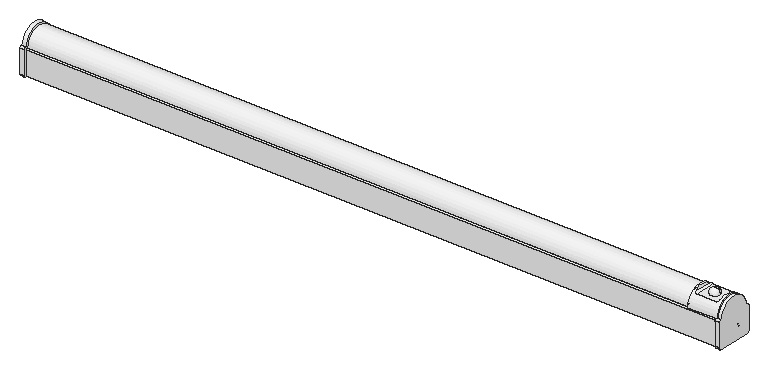
Revit family "0045216 Feilo Sylvania Lighting Fixture SYLBATTEN LED3 NW TP3 PIR", category Lighting Fixtures, host Face, Revit 2017
Family settings
  Host = Face
  Round Connector Dimension = Use Diameter
  Part Type = Normal
  OmniClass Number = 23.80.70.00
  OmniClass Title = Lighting
  Cut with Voids When Loaded = No
  Light Source = Yes
  Shared = No
  Room Calculation Point = No
Parameters (values of type "0045216 SYLBATTEN LED3 NW TP3 PIR")
  Width_FEILO = 66 mm
  Weight = "2.7 kg"
  Wattage Comments = "n/a"
  Wattage = 26 W
  WarrantyStartDate [instance] = "n/a"
  WarrantyGuarantorParts = "n/a"
  WarrantyDurationUnit = "n/a"
  WarrantyDurationParts = "n/a"
  WarrantyDescription = "n/a"
  built-in parameter 1150110 = 1 (stored number, unit not read)
  Voltage = 230 V
  URL = "http://www.sylvania-lighting.com"
  TypeName = "SYLBATTEN LED3 NW TP3 PIR"
  Type Image = <None>
  Type Comments = "n/a"
  built-in parameter 1114217 = 1 (stored number, unit not read)
  Tilt Angle = -90.00°
  built-in parameter 1150109 = 1 (stored number, unit not read)
  built-in parameter 1150134 = 12
  SymReflector_FEILO = no
  built-in parameter 1150113 = 1 (stored number, unit not read)
  SerialNumber [instance] = "n/a"
  RadiusPIR_FEILO = 9 mm
  RadiusDiffuser_FEILO = 27 mm
  PowerFactor = 0
  PowerConsumption = "26 W"
  Photometric Web File = "0045216.ies"
  NominalLength = 1305 mm
  NominalHeight = 76 mm
  NominalDepth = 66 mm
  Name = "SYLBATTEN LED3 NW TP3 PIR"
  ModelReference = Name  # "SYLBATTEN LED3 NW TP3 PIR"
  ModelNumber = "0045216"
  Model = Name  # "SYLBATTEN LED3 NW TP3 PIR"
  Material_4_FEILO = Reflector-Sylvania-Sylbatten-White
  Material_3_FEILO = Diffuser-Sylvania-Sylbatten-Glow
  Material_2_FEILO = Body-Sylvania-Sylbatten-White
  Material_1_FEILO = Body-Sylvania-Sylbatten-White
  Material = "sheet steel housing, polycarbonate diffuser"
  ManufacturerName = "Feilo Sylvania"
  Manufacturer = "Feilo Sylvania"
  LuminousEfficacy = "108.1 lm/W"
  built-in parameter 1150105 = 791.37 (stored number, unit not read)
  Lumens = 2811.9 lm
  LuminaireType = ""
  built-in parameter 1150115 = 1 (stored number, unit not read)
  LightOutputRatio = "100"
  built-in parameter 1150137 = (empty or 0)
  built-in parameter 1150139 = (empty or 0)
  Length_FEILO = 1305 mm
  LampsType = Lamp  # "LED"
  LampNominalLuminous = "2812 lm"
  LampMacAdamStep = "n/a"
  LampColourTemperature = "4000 K"
  LampColourRenderingIndex = "80"
  built-in parameter 1150112 = 1 (stored number, unit not read)
  built-in parameter 1150114 = 1 (stored number, unit not read)
  Lamp = "LED"
  Keynote = "16500"
  InstallationDate [instance] = "n/a"
  InputVoltage = "220-240V~"
  InputNominalFrequency = "n/a"
  built-in parameter 1150132 = (empty or 0)
  built-in parameter 1150102 = (empty or 0)
  built-in parameter 1150107 = 4000 (stored number, unit not read)
  built-in parameter 1150138 = (empty or 0)
  IngressProtection = "IP20"
  ImpactProtectionIndex = "IK07"
  built-in parameter 1150106 = 7.9137 (stored number, unit not read)
  IfcExportType = "IfcLightFixtureType"
  IfcExportAs = "IfcLightFixtureType"
  Height_FEILO = 76 mm
  ExpectedLife = 50000
  Emit from Rectangle Width = Length_FEILO - 16 mm - 55 mm  # 1234 mm
  Emit from Rectangle Length = Width_FEILO - 40 mm  # 26 mm
  Emit Shape Visible in Rendering = no
  ElectricShockClassification = "Class I"
  built-in parameter 1150104 = 10.047 (stored number, unit not read)
  DurationUnit = "hours"
  DocumentationLiterature = "http://www.sylvania-lighting.com/product/en-int/products/0045216"
  DimmingControlOptions = "n/a"
  Dimming Lamp Color Temperature Shift = <None>
  Description = "LED batten, T8 replacement, ease of installation through 2 part push-in design of the housing (safety cable included), through wiring capability (TP3 = 3 core), sheet steel, 2812LM, 26W, 108lm/W, 4000K, drive current: 350mA, CRI 80, 138° wide beam angle, electronic driver (non dimmable), with integrated PIR sensor, IP20, IK07, 50,000 hrs (L70), (LxWxH) 1205x66x76mm, 5 step MacAdam ellipse, 3kg, white RAL9016, Class 1, 220-240V, energy class: A++, A+, A."
  Default Elevation = 1219.2 mm
  CreatedOn = "2/1/2018"
  CreatedBy = ""
  Cost = 0
  Color Filter = 16777215
  built-in parameter 1114216 [instance] = (empty or 0)
  ClassificationValue = "EF_70_80"
  ClassificationName = "Uniclass2015"
  CapOffset_FEILO = 2 mm
  BarCode [instance] = "n/a"
  built-in parameter 1114218 = 1 (stored number, unit not read)
  BackReflector_FEILO = and(not(AsymReflector_FEILO), SymReflector_FEILO)  # no
  built-in parameter 1150133 = 10 (stored number, unit not read)
  FrontReflector_FEILO = or(AsymReflector_FEILO, SymReflector_FEILO)  # no
  AsymReflector_FEILO = no
  AssetType = "Fixed"
  AssetIdentifier [instance] = "n/a"
  Assembly Code = "D5020200"
  Apparent Load = 26 VA
Reference planes
  plane 1 "Center (Front/Back)": y = 0
  plane 2: z = 0
  plane 3 "Center (Left/Right)": x = 0
  plane 4: x = 652.5
  plane 5: x = -652.5
  plane 6: y = 33
  plane 7: y = -33
  plane 8: z = 76
  plane 9: z = 47
  plane 10: y = -29
  plane 11: y = 29
  plane 12: z = 20
  plane 13: z = 74
  plane 14: y = -31
  plane 15: y = -27
  plane 16: y = 27
  plane 17: y = 31
  plane 18: z = 2
  plane 19: x = -644.5
  plane 20: x = 644.5
  plane 21: z = 49
  plane 22: y = 1
  plane 23: y = -1
  plane 24: z = 21
  plane 25: z = 19
  plane 26: y = -61
  plane 27: y = 61
  plane 28: y = -56
  plane 29: y = 56
  plane 30: z = 91
  plane 31: z = 88
  plane 32: x = 589.5
  plane 33: x = 595.5
  plane 34: x = 638.5
  plane 35: z = 69
  plane 36: x = 617
  plane 37: x = -27.5
Forms (mm)
  Extrusion 1, solid, material "Body-Sylvania-Sylbatten-White" <- "Material_2_FEILO"
    sketch origin (0, 0, 0) x (0, 1, 0) y (0, 0, 1)
      loop
        line (-31, 2) -> (31, 2) -> (31, 45)
        arc (31, 45) -> (30.414, 46.414) -> (29, 47) r 2
        line (29, 47) -> (-29, 47)
        arc (-29, 47) -> (-30.414, 46.414) -> (-31, 45) r 2
        line (-31, 45) -> (-31, 2)
    from -644.5 to 644.5
  Extrusion 2, solid, material "Body-Sylvania-Sylbatten-White" <- "Material_2_FEILO"
    sketch origin (652.5, 1524, 1219.2) x (0, 1, 0) y (0, 0, 1)
      loop
        arc (-1494, -1219.2) -> (-1491.879, -1218.321) -> (-1491, -1216.2) r 3
        line (-1491, -1216.2) -> (-1491, -1173.2)
        arc (-1491, -1173.2) -> (-1491.879, -1171.079) -> (-1494, -1170.2) r 3
        line (-1494, -1170.2) -> (-1495.069, -1170.2)
        arc (-1495.069, -1170.2) -> (-1524, -1143.2) -> (-1552.931, -1170.2) r 29
        line (-1552.931, -1170.2) -> (-1554, -1170.2)
        arc (-1554, -1170.2) -> (-1556.121, -1171.079) -> (-1557, -1173.2) r 3
        line (-1557, -1173.2) -> (-1557, -1216.2)
        arc (-1557, -1216.2) -> (-1556.121, -1218.321) -> (-1554, -1219.2) r 3
        line (-1554, -1219.2) -> (-1494, -1219.2)
      loop
        arc (-1525, -1189.25) -> (-1531.071, -1192.129) -> (-1533.95, -1198.2) r 10
        line (-1533.95, -1198.2) -> (-1532.944, -1198.2)
        arc (-1532.944, -1198.2) -> (-1530.364, -1192.836) -> (-1525, -1190.256) r 9
        line (-1525, -1190.256) -> (-1525, -1189.25)
      loop
        arc (-1523, -1190.256) -> (-1517.636, -1192.836) -> (-1515.056, -1198.2) r 9
        line (-1515.056, -1198.2) -> (-1514.05, -1198.2)
        arc (-1514.05, -1198.2) -> (-1516.929, -1192.129) -> (-1523, -1189.25) r 10
        line (-1523, -1189.25) -> (-1523, -1190.256)
      loop
        line (-1532.944, -1200.2) -> (-1533.95, -1200.2)
        arc (-1533.95, -1200.2) -> (-1531.071, -1206.271) -> (-1525, -1209.15) r 10
        line (-1525, -1209.15) -> (-1525, -1208.144)
        arc (-1525, -1208.144) -> (-1530.364, -1205.564) -> (-1532.944, -1200.2) r 9
      loop
        arc (-1515.056, -1200.2) -> (-1517.636, -1205.564) -> (-1523, -1208.144) r 9
        line (-1523, -1208.144) -> (-1523, -1209.15)
        arc (-1523, -1209.15) -> (-1516.929, -1206.271) -> (-1514.05, -1200.2) r 10
        line (-1514.05, -1200.2) -> (-1515.056, -1200.2)
    from 0 to -8
  Extrusion 3, solid, material "Body-Sylvania-Sylbatten-White" <- "Material_2_FEILO"
    sketch origin (-652.5, 1524, 1219.2) x (0, 1, 0) y (0, 0, 1)
      loop
        arc (-1495.069, -1170.2) -> (-1524, -1143.2) -> (-1552.931, -1170.2) r 29
        line (-1552.931, -1170.2) -> (-1554, -1170.2)
        arc (-1554, -1170.2) -> (-1556.121, -1171.079) -> (-1557, -1173.2) r 3
        line (-1557, -1173.2) -> (-1557, -1216.2)
        arc (-1557, -1216.2) -> (-1556.121, -1218.321) -> (-1554, -1219.2) r 3
        line (-1554, -1219.2) -> (-1494, -1219.2)
        arc (-1494, -1219.2) -> (-1491.879, -1218.321) -> (-1491, -1216.2) r 3
        line (-1491, -1216.2) -> (-1491, -1173.2)
        arc (-1491, -1173.2) -> (-1491.879, -1171.079) -> (-1494, -1170.2) r 3
        line (-1494, -1170.2) -> (-1495.069, -1170.2)
      loop
        line (-1533.95, -1198.2) -> (-1532.944, -1198.2)
        arc (-1532.944, -1198.2) -> (-1530.364, -1192.836) -> (-1525, -1190.256) r 9
        line (-1525, -1190.256) -> (-1525, -1189.25)
        arc (-1525, -1189.25) -> (-1531.071, -1192.129) -> (-1533.95, -1198.2) r 10
      loop
        line (-1523, -1189.25) -> (-1523, -1190.256)
        arc (-1523, -1190.256) -> (-1517.636, -1192.836) -> (-1515.056, -1198.2) r 9
        line (-1515.056, -1198.2) -> (-1514.05, -1198.2)
        arc (-1514.05, -1198.2) -> (-1516.929, -1192.129) -> (-1523, -1189.25) r 10
      loop
        line (-1514.05, -1200.2) -> (-1515.056, -1200.2)
        arc (-1515.056, -1200.2) -> (-1517.636, -1205.564) -> (-1523, -1208.144) r 9
        line (-1523, -1208.144) -> (-1523, -1209.15)
        arc (-1523, -1209.15) -> (-1516.929, -1206.271) -> (-1514.05, -1200.2) r 10
      loop
        line (-1525, -1209.15) -> (-1525, -1208.144)
        arc (-1525, -1208.144) -> (-1530.364, -1205.564) -> (-1532.944, -1200.2) r 9
        line (-1532.944, -1200.2) -> (-1533.95, -1200.2)
        arc (-1533.95, -1200.2) -> (-1531.071, -1206.271) -> (-1525, -1209.15) r 10
    from 0 to 8
  Extrusion 4, solid, material "Reflector-Sylvania-Sylbatten-White" <- "Material_4_FEILO", visible <- "FrontReflector_FEILO"
    sketch origin (0, 0, 0) x (0, 1, 0) y (0, 0, 1)
      loop
        line (-61.257, 88.429) -> (-60.743, 87.571) -> (-56.621, 90.044)
        arc (-56.621, 90.044) -> (-56.237, 90.099) -> (-55.929, 89.863) r 0.5
        line (-55.929, 89.863) -> (-31.435, 46.753) -> (-30.565, 47.247) -> (-55.312, 90.802)
        arc (-55.312, 90.802) -> (-55.928, 91.275) -> (-56.696, 91.165) r 1
        line (-56.696, 91.165) -> (-61.257, 88.429)
    from -644.5 to 644.5
  Extrusion 5, solid, material "Reflector-Sylvania-Sylbatten-White" <- "Material_4_FEILO", visible <- "BackReflector_FEILO"
    sketch origin (0, 0, 0) x (0, 1, 0) y (0, 0, 1)
      loop
        line (30.565, 47.247) -> (31.435, 46.753) -> (55.932, 89.868)
        arc (55.932, 89.868) -> (56.245, 90.112) -> (56.638, 90.062) r 0.518
        line (56.638, 90.062) -> (61.033, 87.565) -> (61.527, 88.435) -> (56.682, 91.188)
        arc (56.682, 91.188) -> (55.922, 91.282) -> (55.318, 90.812) r 1
        line (55.318, 90.812) -> (30.565, 47.247)
    from -644.5 to 644.5
  Extrusion 6, solid, material "Diffuser-Sylvania-Sylbatten-Glow" <- "Material_3_FEILO"
    sketch origin (0, 0, 0) x (0, 1, 0) y (0, 0, 1)
      loop
        arc (27, 47) -> (0, 74) -> (-27, 47) r 27
        line (-27, 47) -> (27, 47)
    from -644.5 to 589.5
  Extrusion 7, solid, material "Body-Sylvania-Sylbatten-White" <- "Material_2_FEILO"
    sketch origin (589.5, 1524, 1219.2) x (0, 1, 0) y (0, 0, 1)
      loop
        arc (-1495, -1172.2) -> (-1524, -1143.2) -> (-1553, -1172.2) r 29
        line (-1553, -1172.2) -> (-1495, -1172.2)
    from 0 to 55
  Extrusion 8, void
    sketch origin (0, 0, 0) x (1, 0, 0) y (0, 0, 1)
      loop
        line (598.432, 69) -> (635.568, 69)
        arc (635.568, 69) -> (637.933, 69.774) -> (639.383, 71.795) r 4
        line (639.383, 71.795) -> (644.5, 88) -> (589.5, 88) -> (594.617, 71.795)
        arc (594.617, 71.795) -> (596.067, 69.774) -> (598.432, 69) r 4
    from -27 to 27
  Revolve 9, solid, material "Body-Sylvania-Sylbatten-White" <- "Material_2_FEILO"
    sketch origin (0, 0, 0) x (1, 0, 0) y (0, 0, 1)
      loop
        arc (626, 69) -> (623.364, 75.364) -> (617, 78) r 9
        line (617, 78) -> (617, 69) -> (626, 69)
      axis (617, 78) -> (617, 69)
    angle from 360 to 0
Cuts and joins
  Extrusion 8 cuts Extrusion 7
Lines and regions (mm)
  reference lines
    curve 1: line (0, -61, 88) -> (0, -56, 91)
    curve 2: line (0, -56, 91) -> (0, -31, 47)
    curve 3: line (0, 31, 47) -> (0, 56, 91)
    curve 4: line (0, 56, 91) -> (0, 61.28, 88)
Dimensions and locks
  equal spacing: plane 5, plane 3 "Center (Left/Right)", plane 4
  equal spacing: plane 7, plane 1 "Center (Front/Back)", plane 6
  "Width_FEILO": plane 7 to plane 6
  "Length_FEILO": plane 5 to plane 4
  "Height_FEILO": plane 8 to plane 2
  locked: plane 9 to plane 8 at 29
  equal spacing: plane 10, plane 1 "Center (Front/Back)", plane 11
  locked: plane 7 to plane 10 at 4
  locked: plane 12 to plane 2 at 20
  "CapOffset_FEILO": plane 13 to plane 8
  "CapOffset_FEILO": plane 7 to plane 14
  "CapOffset_FEILO": plane 10 to plane 15
  "CapOffset_FEILO": plane 17 to plane 6
  "CapOffset_FEILO": plane 16 to plane 11
  "CapOffset_FEILO": plane 18 to plane 2
  locked: plane 14 to Extrusion 1 sketch curve at 2
  locked: Extrusion 1 sketch curve to plane 9 at 2  (x2)
  locked: plane 16 to Extrusion 1 sketch curve at 2
  equal spacing: plane 19, plane 3 "Center (Left/Right)", plane 20
  locked: plane 5 to plane 19 at 8
  "CapOffset_FEILO": plane 9 to plane 21
  locked: Extrusion 2 sketch curve to plane 2 at 47
  locked: Extrusion 2 sketch curve to plane 2 at 3  (x2)
  locked: plane 7 to Extrusion 2 sketch curve at 3  (x2)
  locked: Extrusion 2 sketch curve to plane 6 at 3  (x2)
  locked: Extrusion 2 sketch curve to plane 21 at 3  (x2)
  equal spacing: plane 23, plane 1 "Center (Front/Back)", plane 22
  equal spacing: plane 25, plane 12, plane 24
  plane 30 to plane 31 to plane 2 = 3 mm locked, 88 mm locked
  plane 28 to plane 29 = 112 mm
  plane 26 to plane 27 = 122 mm
  locked: plane 32 to plane 20 at 55
  plane 20 to plane 34 = 6 mm
  plane 33 to plane 32 = 6 mm
  plane 21 to plane 35 = 20 mm
  locked: Extrusion 8 sketch curve to plane 35 at 4  (x2)
  locked: Extrusion 8 sketch curve to plane 33 at 2.932
  locked: plane 34 to Extrusion 8 sketch curve at 2.932
  equal spacing: plane 34, plane 36, plane 33
  locked: plane 37 to plane 3 "Center (Left/Right)" at 27.5
  "RadiusDiffuser_FEILO": radius of Extrusion 6 sketch curve
  "RadiusPIR_FEILO": radius of Revolve 9 sketch curve
  aligned and locked: plane 2 to host face
  aligned and locked: level to host face
  aligned and locked: plane 18 to Extrusion 1 sketch curve
  aligned and locked: plane 14 to Extrusion 1 sketch curve
  aligned and locked: Extrusion 1 sketch curve to plane 9
  aligned and locked: Extrusion 1 sketch curve to plane 17
  aligned and locked: plane 20 to Extrusion 1
  aligned and locked: level to Extrusion 2 sketch curve
  aligned and locked: Extrusion 2 sketch curve to plane 7
  aligned and locked: plane 21 to Extrusion 2 sketch curve
  aligned and locked: Extrusion 2 sketch curve to plane 21
  aligned and locked: plane 1 "Center (Front/Back)" to Extrusion 2 sketch curve  (x3)
  aligned and locked: Extrusion 2 to Extrusion 1
  aligned and locked: plane 4 to Extrusion 2
  aligned and locked: plane 12 to Extrusion 2 sketch curve  (x2)
  aligned and locked: Extrusion 2 sketch curve to plane 22
  aligned and locked: Extrusion 2 sketch curve to plane 23
  aligned and locked: Extrusion 2 sketch curve to plane 24
  aligned and locked: Extrusion 2 sketch curve to plane 25
  aligned and locked: plane 25 to Extrusion 2 sketch curve
  aligned and locked: plane 22 to Extrusion 2 sketch curve
  aligned and locked: plane 24 to Extrusion 2 sketch curve
  aligned and locked: plane 23 to Extrusion 2 sketch curve  (x2)
  aligned and locked: Extrusion 3 sketch curve to Extrusion 2  (x22)
  aligned and locked: Extrusion 3 to Extrusion 1
  aligned and locked: Extrusion 3 to plane 5
  aligned and locked: plane 19 to Extrusion 3
  aligned and locked: plane 31 to curve 1
  aligned and locked: plane 30 to curve 1
  aligned and locked: plane 14 to curve 2
  aligned and locked: plane 9 to curve 2
  aligned and locked: plane 17 to curve 3
  aligned and locked: plane 30 to curve 3
  aligned and locked: plane 31 to curve 4
  aligned and locked: Extrusion 4 sketch curve to curve 2
  aligned and locked: Extrusion 4 sketch curve to curve 1
  aligned and locked: Extrusion 4 to Extrusion 1
  aligned and locked: Extrusion 1 to Extrusion 4
  aligned and locked: imposter light to plane 1 "Center (Front/Back)"
  aligned and locked: imposter light to plane 13
  aligned and locked: Extrusion 5 sketch curve to curve 4
  aligned and locked: Extrusion 5 sketch curve to curve 3
  aligned and locked: Extrusion 1 to Extrusion 5
  aligned and locked: Extrusion 5 to Extrusion 1
  aligned and locked: plane 9 to Extrusion 6 sketch curve  (x3)
  aligned and locked: plane 15 to Extrusion 6 sketch curve
  aligned and locked: plane 32 to Extrusion 6
  aligned and locked: Extrusion 1 to Extrusion 6
  aligned and locked: Extrusion 1 to Extrusion 7
  aligned and locked: Extrusion 7 to plane 32
  aligned and locked: Extrusion 7 sketch curve to Extrusion 2
  aligned and locked: Extrusion 7 sketch curve to Extrusion 1
  aligned and locked: Extrusion 1 to Extrusion 7 sketch curve
  aligned and locked: plane 35 to Extrusion 8 sketch curve
  aligned and locked: plane 15 to Extrusion 8
  aligned and locked: Extrusion 8 to plane 16
  aligned and locked: plane 31 to Extrusion 8 sketch curve  (x2)
  aligned and locked: plane 32 to Extrusion 8 sketch curve
  aligned and locked: plane 20 to Extrusion 8 sketch curve
  aligned and locked: Revolve 9 sketch curve to plane 36  (x2)
  aligned and locked: cut or joined group of Extrusion 7, Extrusion 8 to Revolve 9 sketch curve
  aligned and locked: imposter light to plane 37
Automatic sketch dimensions
  host sketch curve to host sketch curve = 2438.4 mm  (x2)
  Extrusion 2 sketch curve to Extrusion 2 sketch curve = 0 mm  (x14)
  Extrusion 2 sketch curve to plane 10 = 0.069 mm
  plane 23 to Extrusion 2 sketch curve = 8.95 mm
  Extrusion 2 sketch curve to Extrusion 2 sketch curve = 1.006 mm  (x4)
  Extrusion 2 sketch curve to plane 22 = 7.944 mm
  curve 1 to plane 26 = 0 mm
  curve 2 to plane 28 = 0 mm
  curve 4 to plane 29 = 0 mm
  plane 9 to curve 3 = 0 mm
  plane 26 to Extrusion 4 sketch curve = 0.257 mm
  Extrusion 4 sketch curve to plane 26 = 0.257 mm
  Extrusion 4 sketch curve to plane 30 = 0.165 mm
  plane 28 to Extrusion 4 sketch curve = 0.696 mm
  plane 28 to Extrusion 4 sketch curve = 0.621 mm
  plane 28 to Extrusion 4 sketch curve = 0.364 mm
  plane 28 to Extrusion 4 sketch curve = 0.182 mm
  Extrusion 4 sketch curve to plane 28 = 0.071 mm
  plane 30 to Extrusion 4 sketch curve = 0.198 mm
  Extrusion 4 sketch curve to plane 28 = 0.688 mm
  plane 9 to Extrusion 4 sketch curve = 0.247 mm
  plane 1 "Center (Front/Back)" to Extrusion 4 sketch curve = 31.435 mm
  Extrusion 5 sketch curve to plane 9 = 0.247 mm
  Extrusion 5 sketch curve to plane 1 "Center (Front/Back)" = 30.565 mm
  plane 9 to Extrusion 5 sketch curve = 0.247 mm
  plane 30 to Extrusion 5 sketch curve = 0.188 mm
  plane 29 to Extrusion 5 sketch curve = 0.068 mm
  Extrusion 5 sketch curve to plane 29 = 0.188 mm
  Extrusion 5 sketch curve to plane 29 = 0.382 mm
  Extrusion 5 sketch curve to Extrusion 5 sketch curve = 0.256 mm
  Extrusion 5 sketch curve to plane 30 = 0.188 mm
  Extrusion 5 sketch curve to plane 29 = 0.682 mm
  Extrusion 5 sketch curve to plane 27 = 0.033 mm
  Extrusion 5 sketch curve to plane 27 = 0.527 mm
  Extrusion 8 sketch curve to plane 33 = 0.883 mm
  plane 34 to Extrusion 8 sketch curve = 0.883 mm
  Revolve 9 sketch curve to plane 35 = 0 mm
  Revolve 9 sketch curve to plane 30 = 2347.4 mm
Connectors
  electrical at (0, 0, 0), driven by "Apparent Load", driven by "PowerFactor", driven by "Voltage"
    settings: index 1, voltage 230 V, apparent load 26 VA, apparent load phase1 0 VA, apparent load phase2 0 VA, apparent load phase3 0 VA, power factor 0, load classification "Lighting", number of poles 1, system type 30, power factor state 1, is connector primary yes, connector utility no, sub classification motor no, connector description ""
